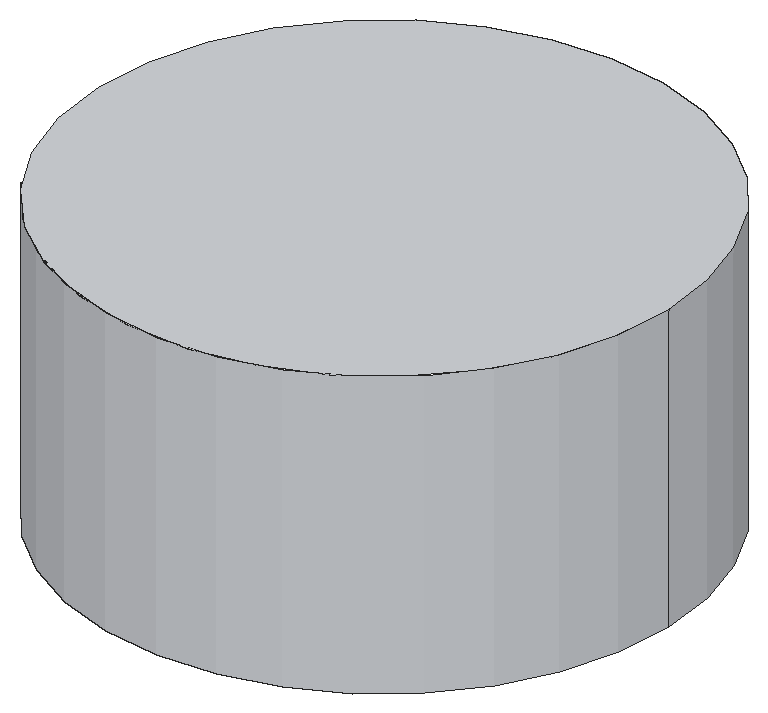
Revit family "ASF-10-C8", category Mechanical Equipment, Revit 2023
Family settings
  Round Connector Dimension = Use Diameter
  Classification = None
  Part Type = Normal
  OmniClass Number = 23.75.00.00
  OmniClass Title = Climate Control (HVAC)
  Work Plane-Based = No
  Always vertical = Yes
  Cut with Voids When Loaded = No
  Maintain Annotation Orientation = No
  Shared = No
  Room Calculation Point = No
Parameters (values of type "Standard")
  Default Elevation = 0' - 0"
  Connector_1_Diameter = 0' - 9 3/4"
Reference planes (in)
  plane 1 "Center (Front/Back)": y = 0
  plane 2: z = 0
  plane 3 "Center (Left/Right)": x = 0
Forms (in)
  Extrusion 1, solid
    sketch origin (0, 0, -16.30799) x (1, 0, 0) y (0, 1, 0)
      loop
        circle (0, 0) r 0.12
    from 0 to -0.12
Dimensions and locks (in)
  aligned and locked: plane 2 to level
Connectors (in)
  hvac at (0, 0, -16.30799), driven by "Connector_1_Diameter"
    settings: on Extrusion 1, index 1, duct flow 0 CFM, flow factor 0, pres drop 0.00 in-wg, loss coef 0, conn angle 0.00°, conn width 12", conn height 12", conn diameter 9 3/4", duct sys type 3, conn prof type 0, flow config 1, flow direction 1, loss method 0, conn ref index -1, conn util no, is conn primary yes, conn desc ""
